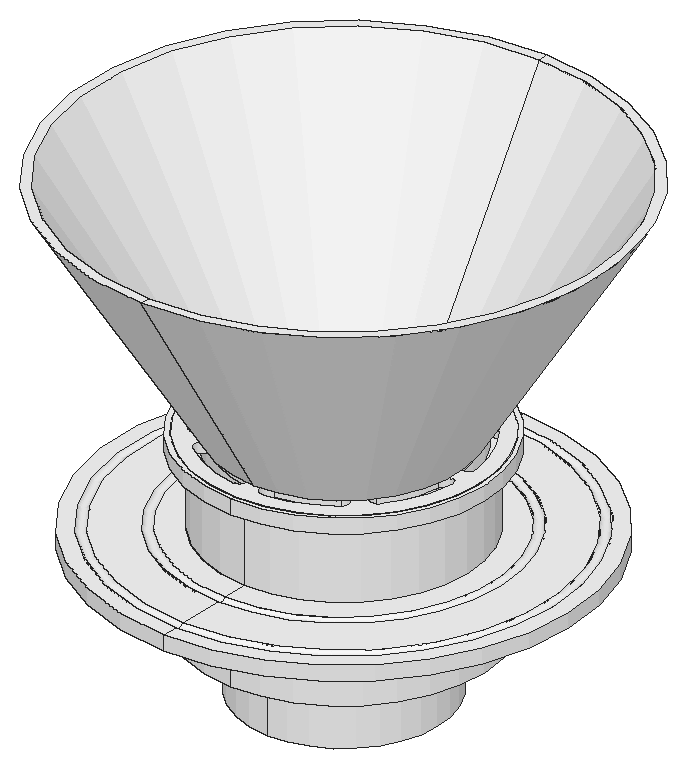
Revit family "F1100-EG", category Plumbing Fixtures, host Face, Revit 2018
Family settings
  Host = Face
  Round Connector Dimension = Use Radius
  Part Type = Normal
  Cut with Voids When Loaded = No
  Shared = No
  Room Calculation Point = No
Parameters (values of type "F1100-EG-Ø3"")
  WFU = 0
  URL = "WWW.MIFAB.COM"
  Pipe Radius = Pipe Diameter / 2  # 0' - 1 1/2"
  Pipe Diameter = 0' - 3"
  Model = "F1100-EG"
  Manufacturer = "MIFAB"
  Floor Drain Material = Paint - Sherwin Williams Paint - #952C2A - Bellwood Red
  Description = "OVAL FUNNEL FLOOR DRAIN FOR NON-MEMBRANE FLOOR AREAS"
  Default Elevation = 0' - 0"
  CWFU = 0
  BODY HEIGHT = 0' - 2 5/8"
  Assembly Code = ""
  ADJUSTMENT = 0' - 1 1/2"
Types (6): name | Pipe Radius | Pipe Diameter | BODY HEIGHT
  (no name) | 0' - 1 1/2" | 0' - 3" | 0' - 2 5/8"
  F1100-EG-Ø2" | 0' - 1" | 0' - 2" | 0' - 2 1/4"
  F1100-EG-Ø3" | 0' - 1 1/2" | 0' - 3" | 0' - 2 5/8"
  F1100-EG-Ø4" | 0' - 2" | 0' - 4" | 0' - 2 5/8"
  F1100-EG-Ø5" | 0' - 2 1/2" | 0' - 5" | 0' - 2 5/8"
  F1100-EG-Ø6" | 0' - 3" | 0' - 6" | 0' - 2 5/8"
Reference planes (in)
  plane 1 "Center (Front/Back)": y = 0
  plane 2: z = 0
  plane 3 "Center (Left/Right)": x = 0
  plane 4: y = -1.5
  plane 5: y = 1.5
  plane 6: y = 2.5
  plane 7: y = -2.5
  plane 8: y = -4
  plane 9: y = 4
  plane 10: z = -1.29633
  plane 11: z = -1.5
  plane 12: z = -1.75
  plane 13: z = -4.125
  plane 14: z = 4
  plane 15: z = -0.25
  plane 16: z = -2.39755
  plane 17: z = -2.31755
  plane 18: y = 4.5
  plane 19: y = -4.5
  plane 20: y = -2.68
  plane 21: y = -2.32
  plane 22: z = -2.9
Forms (in)
  Revolve 1, solid, material "Paint - Sherwin Williams Paint - #952C2A - Bellwood Red" <- "Floor Drain Material"
    sketch origin (0, -109.78025, 0) x (0, 1, 0) y (0, 0, 1)
      loop
        line (107.58025, -2.31755) -> (107.66025, -2.39755) -> (107.73025, -2.39755) -> (107.73025, -0.16) -> (107.36025, -0.16) -> (107.36025, 0) -> (107.28025, 0) -> (107.28025, -0.25) -> (107.58025, -0.25) -> (107.58025, -2.31755)
      axis (109.78025, -2.39755) -> (109.78025, 0)
    angle from 0 to 360
  Extrusion 2, solid, material "Paint - Sherwin Williams Paint - #952C2A - Bellwood Red" <- "Floor Drain Material"
    sketch origin (0, 0, 0) x (-1, 0, 0) y (0, -1, 0)
      loop
        circle (0, 0) r 2.42
      loop
        arc (1.0682, -0.23682) -> (0.97801, -0.06268) -> (0.80387, -0.15286) r 0.13867
        arc (0.80387, -0.15286) -> (0.748, -0.30556) -> (0.67917, -0.45286) r 1.88266
        arc (0.67917, -0.45286) -> (0.73807, -0.63992) -> (0.92513, -0.58101) r 0.13867
        arc (0.92513, -0.58101) -> (1.0041, -0.41201) -> (1.0682, -0.23682) r 2.16
      loop
        arc (1.4928, -1.14715) -> (1.51826, -1.3416) -> (1.71271, -1.31614) r 0.13867
        arc (1.71271, -1.31614) -> (1.99444, -0.82934) -> (2.14094, -0.2863) r 2.16
        arc (2.14094, -0.2863) -> (2.02232, -0.13011) -> (1.86615, -0.24876) r 0.13867
        arc (1.86615, -0.24876) -> (1.73851, -0.72249) -> (1.4928, -1.14715) r 1.88266
      loop
        arc (1.61258, -0.26439) -> (1.50772, -0.09867) -> (1.34199, -0.20353) r 0.13867
        arc (1.34199, -0.20353) -> (1.24373, -0.51289) -> (1.09378, -0.80078) r 1.88266
        arc (1.09378, -0.80078) -> (1.13637, -0.99221) -> (1.3278, -0.94962) r 0.13867
        arc (1.3278, -0.94962) -> (1.49983, -0.61933) -> (1.61258, -0.26439) r 2.16
      loop
        arc (1.0682, 0.23682) -> (1.0041, 0.41201) -> (0.92513, 0.58101) r 2.16
        arc (0.92513, 0.58101) -> (0.73807, 0.63992) -> (0.67917, 0.45286) r 0.13867
        arc (0.67917, 0.45286) -> (0.748, 0.30556) -> (0.80387, 0.15286) r 1.88266
        arc (0.80387, 0.15286) -> (0.97801, 0.06268) -> (1.0682, 0.23682) r 0.13867
      loop
        arc (1.4928, 1.14715) -> (1.73851, 0.72249) -> (1.86615, 0.24876) r 1.88266
        arc (1.86615, 0.24876) -> (2.02232, 0.13011) -> (2.14094, 0.2863) r 0.13867
        arc (2.14094, 0.2863) -> (1.99444, 0.82934) -> (1.71271, 1.31614) r 2.16
        arc (1.71271, 1.31614) -> (1.51826, 1.3416) -> (1.4928, 1.14715) r 0.13867
      loop
        arc (1.61258, 0.26439) -> (1.49983, 0.61933) -> (1.3278, 0.94962) r 2.16
        arc (1.3278, 0.94962) -> (1.13637, 0.99221) -> (1.09378, 0.80078) r 0.13867
        arc (1.09378, 0.80078) -> (1.24373, 0.51289) -> (1.34199, 0.20353) r 1.88266
        arc (1.34199, 0.20353) -> (1.50772, 0.09867) -> (1.61258, 0.26439) r 0.13867
      loop
        arc (0.23682, 1.0682) -> (0.06268, 0.97801) -> (0.15286, 0.80387) r 0.13867
        arc (0.15286, 0.80387) -> (0.30556, 0.748) -> (0.45286, 0.67917) r 1.88266
        arc (0.45286, 0.67917) -> (0.63992, 0.73807) -> (0.58101, 0.92513) r 0.13867
        arc (0.58101, 0.92513) -> (0.41201, 1.0041) -> (0.23682, 1.0682) r 2.16
      loop
        arc (1.14715, 1.4928) -> (1.3416, 1.51826) -> (1.31614, 1.71271) r 0.13867
        arc (1.31614, 1.71271) -> (0.82934, 1.99444) -> (0.2863, 2.14094) r 2.16
        arc (0.2863, 2.14094) -> (0.13011, 2.02232) -> (0.24876, 1.86615) r 0.13867
        arc (0.24876, 1.86615) -> (0.72249, 1.73851) -> (1.14715, 1.4928) r 1.88266
      loop
        arc (0.26439, 1.61258) -> (0.09867, 1.50772) -> (0.20353, 1.34199) r 0.13867
        arc (0.20353, 1.34199) -> (0.51289, 1.24373) -> (0.80078, 1.09378) r 1.88266
        arc (0.80078, 1.09378) -> (0.99221, 1.13637) -> (0.94962, 1.3278) r 0.13867
        arc (0.94962, 1.3278) -> (0.61933, 1.49983) -> (0.26439, 1.61258) r 2.16
      loop
        arc (-0.23682, 1.0682) -> (-0.41201, 1.0041) -> (-0.58101, 0.92513) r 2.16
        arc (-0.58101, 0.92513) -> (-0.63992, 0.73807) -> (-0.45286, 0.67917) r 0.13867
        arc (-0.45286, 0.67917) -> (-0.30556, 0.748) -> (-0.15286, 0.80387) r 1.88266
        arc (-0.15286, 0.80387) -> (-0.06268, 0.97801) -> (-0.23682, 1.0682) r 0.13867
      loop
        arc (-1.14715, 1.4928) -> (-0.72249, 1.73851) -> (-0.24876, 1.86615) r 1.88266
        arc (-0.24876, 1.86615) -> (-0.13011, 2.02232) -> (-0.2863, 2.14094) r 0.13867
        arc (-0.2863, 2.14094) -> (-0.82934, 1.99444) -> (-1.31614, 1.71271) r 2.16
        arc (-1.31614, 1.71271) -> (-1.3416, 1.51826) -> (-1.14715, 1.4928) r 0.13867
      loop
        arc (-0.26439, 1.61258) -> (-0.61933, 1.49983) -> (-0.94962, 1.3278) r 2.16
        arc (-0.94962, 1.3278) -> (-0.99221, 1.13637) -> (-0.80078, 1.09378) r 0.13867
        arc (-0.80078, 1.09378) -> (-0.51289, 1.24373) -> (-0.20353, 1.34199) r 1.88266
        arc (-0.20353, 1.34199) -> (-0.09867, 1.50772) -> (-0.26439, 1.61258) r 0.13867
      loop
        arc (-1.0682, 0.23682) -> (-0.97801, 0.06268) -> (-0.80387, 0.15286) r 0.13867
        arc (-0.80387, 0.15286) -> (-0.748, 0.30556) -> (-0.67917, 0.45286) r 1.88266
        arc (-0.67917, 0.45286) -> (-0.73807, 0.63992) -> (-0.92513, 0.58101) r 0.13867
        arc (-0.92513, 0.58101) -> (-1.0041, 0.41201) -> (-1.0682, 0.23682) r 2.16
      loop
        arc (-1.4928, 1.14715) -> (-1.51826, 1.3416) -> (-1.71271, 1.31614) r 0.13867
        arc (-1.71271, 1.31614) -> (-1.99444, 0.82934) -> (-2.14094, 0.2863) r 2.16
        arc (-2.14094, 0.2863) -> (-2.02232, 0.13011) -> (-1.86615, 0.24876) r 0.13867
        arc (-1.86615, 0.24876) -> (-1.73851, 0.72249) -> (-1.4928, 1.14715) r 1.88266
      loop
        arc (-1.61258, 0.26439) -> (-1.50772, 0.09867) -> (-1.34199, 0.20353) r 0.13867
        arc (-1.34199, 0.20353) -> (-1.24373, 0.51289) -> (-1.09378, 0.80078) r 1.88266
        arc (-1.09378, 0.80078) -> (-1.13637, 0.99221) -> (-1.3278, 0.94962) r 0.13867
        arc (-1.3278, 0.94962) -> (-1.49983, 0.61933) -> (-1.61258, 0.26439) r 2.16
      loop
        arc (-1.0682, -0.23682) -> (-1.0041, -0.41201) -> (-0.92513, -0.58101) r 2.16
        arc (-0.92513, -0.58101) -> (-0.73807, -0.63992) -> (-0.67917, -0.45286) r 0.13867
        arc (-0.67917, -0.45286) -> (-0.748, -0.30556) -> (-0.80387, -0.15286) r 1.88266
        arc (-0.80387, -0.15286) -> (-0.97801, -0.06268) -> (-1.0682, -0.23682) r 0.13867
      loop
        arc (-1.4928, -1.14715) -> (-1.73851, -0.72249) -> (-1.86615, -0.24876) r 1.88266
        arc (-1.86615, -0.24876) -> (-2.02232, -0.13011) -> (-2.14094, -0.2863) r 0.13867
        arc (-2.14094, -0.2863) -> (-1.99444, -0.82934) -> (-1.71271, -1.31614) r 2.16
        arc (-1.71271, -1.31614) -> (-1.51826, -1.3416) -> (-1.4928, -1.14715) r 0.13867
      loop
        arc (-1.61258, -0.26439) -> (-1.49983, -0.61933) -> (-1.3278, -0.94962) r 2.16
        arc (-1.3278, -0.94962) -> (-1.13637, -0.99221) -> (-1.09378, -0.80078) r 0.13867
        arc (-1.09378, -0.80078) -> (-1.24373, -0.51289) -> (-1.34199, -0.20353) r 1.88266
        arc (-1.34199, -0.20353) -> (-1.50772, -0.09867) -> (-1.61258, -0.26439) r 0.13867
      loop
        arc (-0.23682, -1.0682) -> (-0.06268, -0.97801) -> (-0.15286, -0.80387) r 0.13867
        arc (-0.15286, -0.80387) -> (-0.30556, -0.748) -> (-0.45286, -0.67917) r 1.88266
        arc (-0.45286, -0.67917) -> (-0.63992, -0.73807) -> (-0.58101, -0.92513) r 0.13867
        arc (-0.58101, -0.92513) -> (-0.41201, -1.0041) -> (-0.23682, -1.0682) r 2.16
      loop
        arc (-1.14715, -1.4928) -> (-1.3416, -1.51826) -> (-1.31614, -1.71271) r 0.13867
        arc (-1.31614, -1.71271) -> (-0.82934, -1.99444) -> (-0.2863, -2.14094) r 2.16
        arc (-0.2863, -2.14094) -> (-0.13011, -2.02232) -> (-0.24876, -1.86615) r 0.13867
        arc (-0.24876, -1.86615) -> (-0.72249, -1.73851) -> (-1.14715, -1.4928) r 1.88266
      loop
        arc (-0.26439, -1.61258) -> (-0.09867, -1.50772) -> (-0.20353, -1.34199) r 0.13867
        arc (-0.20353, -1.34199) -> (-0.51289, -1.24373) -> (-0.80078, -1.09378) r 1.88266
        arc (-0.80078, -1.09378) -> (-0.99221, -1.13637) -> (-0.94962, -1.3278) r 0.13867
        arc (-0.94962, -1.3278) -> (-0.61933, -1.49983) -> (-0.26439, -1.61258) r 2.16
      loop
        arc (0.23682, -1.0682) -> (0.41201, -1.0041) -> (0.58101, -0.92513) r 2.16
        arc (0.58101, -0.92513) -> (0.63992, -0.73807) -> (0.45286, -0.67917) r 0.13867
        arc (0.45286, -0.67917) -> (0.30556, -0.748) -> (0.15286, -0.80387) r 1.88266
        arc (0.15286, -0.80387) -> (0.06268, -0.97801) -> (0.23682, -1.0682) r 0.13867
      loop
        arc (1.14715, -1.4928) -> (0.72249, -1.73851) -> (0.24876, -1.86615) r 1.88266
        arc (0.24876, -1.86615) -> (0.13011, -2.02232) -> (0.2863, -2.14094) r 0.13867
        arc (0.2863, -2.14094) -> (0.82934, -1.99444) -> (1.31614, -1.71271) r 2.16
        arc (1.31614, -1.71271) -> (1.3416, -1.51826) -> (1.14715, -1.4928) r 0.13867
      loop
        arc (0.26439, -1.61258) -> (0.61933, -1.49983) -> (0.94962, -1.3278) r 2.16
        arc (0.94962, -1.3278) -> (0.99221, -1.13637) -> (0.80078, -1.09378) r 0.13867
        arc (0.80078, -1.09378) -> (0.51289, -1.24373) -> (0.20353, -1.34199) r 1.88266
        arc (0.20353, -1.34199) -> (0.09867, -1.50772) -> (0.26439, -1.61258) r 0.13867
    from 0 to -0.16
  Revolve 3, solid, material "Paint - Sherwin Williams Paint - #952C2A - Bellwood Red" <- "Floor Drain Material"
    sketch origin (0, -136.89074, -0.47623) x (0, 1, 0) y (0, 0, 1)
      loop
        line (134.96736, 0.61448) -> (132.55377, 4.47623) -> (132.39074, 4.47623) -> (134.89074, 0.47623) -> (136.89074, 0.47623) -> (136.89074, 0.61448) -> (134.96736, 0.61448)
      axis (136.89074, 0.47623) -> (136.89074, 4.47623)
    angle from 0 to 360
  Revolve 4, solid
    sketch origin (0, -235.05544, 13.16068) x (0, 1, 0) y (0, 0, 1)
      loop
        line (236.76888, -13.33243) -> (236.76888, -13.02243) -> (236.60388, -13.02243) -> (236.67888, -13.09743) -> (236.67888, -13.33243) -> (236.76888, -13.33243)
      axis (236.76888, -13.33243) -> (236.76888, -13.02243)
    angle from 0 to 360
  Revolve 5, solid
    sketch origin (0, 235.05544, 13.16068) x (0, -1, 0) y (0, 0, 1)
      loop
        line (236.76888, -13.33243) -> (236.76888, -13.02243) -> (236.60388, -13.02243) -> (236.67888, -13.09743) -> (236.67888, -13.33243) -> (236.76888, -13.33243)
      axis (236.76888, -13.33243) -> (236.76888, -13.02243)
    angle from 0 to 360
  Revolve 6, solid, material "Paint - Sherwin Williams Paint - #952C2A - Bellwood Red" <- "Floor Drain Material"
    sketch origin (0, -109.78025, 5.25224) x (0, 1, 0) y (0, 0, 1)
      loop
        line (107.66025, -6.83224) -> (107.58025, -6.75224) -> (107.1433, -6.75224)
        arc (107.1433, -6.75224) -> (107.06061, -6.80191) -> (106.97791, -6.75224) r 0.09366
        line (106.97791, -6.75224) -> (106.21178, -6.75224)
        arc (106.21178, -6.75224) -> (106.12908, -6.80191) -> (106.04639, -6.75224) r 0.09366
        line (106.04639, -6.75224) -> (105.78025, -6.75224) -> (105.78025, -7.00224) -> (107.28025, -7.00224) -> (107.28025, -8.23692) -> (108.10057, -8.64287) -> (108.10057, -9.37724) -> (108.28025, -9.37724) -> (108.28025, -8.57579) -> (107.46025, -8.17) -> (107.46025, -7.00224) -> (107.58025, -7.00224) -> (107.66025, -6.92224) -> (107.66025, -6.83224)
      axis (109.78025, -9.37724) -> (109.78025, -6.75224)
    angle from 0 to 360
  Revolve 7, solid, material "Paint - Sherwin Williams Paint - #952C2A - Bellwood Red" <- "Floor Drain Material"
    sketch origin (0, 0, 0) x (0, 1, 0) y (0, 0, 1)
      loop
        line (3.1, -2.08291) -> (3.1, -2.00575) -> (2.73, -2.00575) -> (2.63, -1.90575) -> (2.73, -1.90575) -> (2.73, -1.75) -> (2.32, -1.75) -> (2.32, -2.08291) -> (3.1, -2.08291)
      axis (2.32, -2.25575) -> (3.1, -2.25575)
    angle from 0 to 360
Dimensions and locks (in)
  equal spacing: plane 5, plane 1 "Center (Front/Back)", plane 4
  "Pipe Diameter": plane 5 to plane 4
  plane 1 "Center (Front/Back)" to plane 4 = 0' - 1 1/2"
  equal spacing: plane 6, plane 1 "Center (Front/Back)", plane 7, locked at 2.5 each
  locked: plane 6 to plane 7 at 5
  equal spacing: plane 9, plane 1 "Center (Front/Back)", plane 8
  locked: plane 9 to plane 8 at 8
  locked: plane 11 to plane 12 at 0.25
  "BODY HEIGHT": plane 11 to plane 13
  "ADJUSTMENT": plane 2 to plane 11
  locked: plane 15 to plane 2 at 0.25
  locked: plane 17 to plane 16 at 0.08
  locked: plane 11 to plane 16 at 0.89755
  plane 14 to level = 0' - 4"
  equal spacing: plane 18, plane 1 "Center (Front/Back)", plane 19
  plane 18 to plane 19 = 0' - 9"
  locked: Revolve 6 sketch curve to Revolve 6 sketch curve at 0.93152
  locked: plane 4 to Revolve 6 sketch curve at 0.17969
  aligned and locked: plane 2 to host face
  aligned and locked: level to host face
  aligned and locked: plane 2 to Revolve 1 sketch curve
  aligned and locked: plane 15 to Revolve 1 sketch curve
  aligned and locked: Revolve 1 sketch curve to plane 16
  aligned and locked: plane 17 to Revolve 1 sketch curve
  aligned and locked: plane 21 to Revolve 6 sketch curve
  aligned and locked: Revolve 6 sketch curve to plane 4
Automatic sketch dimensions
  host sketch curve to host sketch curve = 8' - 0"  (x2)
  Revolve 1 sketch curve to plane 7 = 0' - 0"
  Revolve 1 sketch curve to plane 1 "Center (Front/Back)" = 0' - 0"
  Revolve 1 sketch curve to Revolve 1 sketch curve = 0' - 0.08"  (x2)
  plane 7 to Revolve 1 sketch curve = 0' - 0.3"
  Revolve 1 sketch curve to Revolve 1 sketch curve = 0' - 0.07"
  Revolve 1 sketch curve to plane 15 = 0' - 0.09"
  level to Revolve 1 sketch curve = 0' - 1.15177"
  Revolve 1 sketch curve to Revolve 1 sketch curve = 0' - 0 3/4"
  Extrusion 2 sketch curve to Extrusion 2 sketch curve = 0' - 0"  (x93)
  Revolve 1 to Extrusion 2 sketch curve = 0' - 0.19484"  (x2)
  Revolve 1 to Extrusion 2 sketch curve = 0' - 0.20961"  (x2)
  Revolve 1 to Extrusion 2 sketch curve = 0' - 0.23396"  (x2)
  Revolve 1 to Extrusion 2 sketch curve = 0' - 0.2675"  (x2)
  Extrusion 2 sketch curve to Extrusion 2 sketch curve = 0' - 0.22223"  (x8)
  Extrusion 2 sketch curve to Extrusion 2 sketch curve = 0' - 0 73/256"  (x8)
  Extrusion 2 sketch curve to Extrusion 2 sketch curve = 0' - 0.09987"  (x8)
  Extrusion 2 sketch curve to Extrusion 2 sketch curve = 0' - 0.28521"  (x8)
  Extrusion 2 sketch curve to Extrusion 2 sketch curve = 0' - 0.45813"  (x6)
  Extrusion 2 sketch curve to Extrusion 2 sketch curve = 0' - 0.13389"  (x6)
  Extrusion 2 sketch curve to Extrusion 2 sketch curve = 0' - 0.1883"  (x8)
  Extrusion 2 sketch curve to Extrusion 2 sketch curve = 0' - 0.33559"  (x6)
  Extrusion 2 sketch curve to Extrusion 2 sketch curve = 0' - 0.35645"  (x6)
  Extrusion 2 sketch curve to Extrusion 2 sketch curve = 0' - 0.48684"  (x3)
  Extrusion 2 sketch curve to Extrusion 2 sketch curve = 0' - 0 95/256"  (x8)
  Extrusion 2 sketch curve to Extrusion 2 sketch curve = 0' - 0.52626"  (x5)
  Extrusion 2 sketch curve to Revolve 1 = 0' - 0.19484"  (x2)
  Extrusion 2 sketch curve to Revolve 1 = 0' - 0.20961"  (x2)
  Extrusion 2 sketch curve to Revolve 1 = 0' - 0.23396"  (x2)
  Extrusion 2 sketch curve to Revolve 1 = 0' - 0.2675"  (x2)
  Extrusion 2 sketch curve to Extrusion 2 sketch curve = 0' - 0.41645"  (x4)
  Extrusion 2 sketch curve to Extrusion 2 sketch curve = 0' - 0.4008"  (x2)
  Extrusion 2 sketch curve to Extrusion 2 sketch curve = 0' - 0.28201"  (x2)
  Extrusion 2 sketch curve to Extrusion 2 sketch curve = 0' - 0.22034"  (x2)
  Extrusion 2 sketch curve to Extrusion 2 sketch curve = 0' - 0.05441"  (x2)
  Extrusion 2 sketch curve to Extrusion 2 sketch curve = 0' - 0.27195"  (x2)
  Extrusion 2 sketch curve to Extrusion 2 sketch curve = 0' - 0.30738"
  Extrusion 2 sketch curve to Extrusion 2 sketch curve = 0' - 0.60769"  (x2)
  Extrusion 2 sketch curve to Extrusion 2 sketch curve = 0' - 0.18311"  (x2)
  Extrusion 2 sketch curve to Extrusion 2 sketch curve = 0' - 0.38969"  (x2)
  Extrusion 2 sketch curve to Extrusion 2 sketch curve = 0' - 0.41923"  (x2)
  Extrusion 2 sketch curve to Extrusion 2 sketch curve = 0' - 0.46791"  (x2)
  Extrusion 2 sketch curve to Extrusion 2 sketch curve = 0' - 0.03355"  (x2)
  Extrusion 2 sketch curve to Extrusion 2 sketch curve = 0' - 0.04198"  (x4)
  Extrusion 2 sketch curve to Extrusion 2 sketch curve = 0' - 0.03043"  (x4)
  Extrusion 2 sketch curve to Extrusion 2 sketch curve = 0' - 0.01874"  (x4)
  Extrusion 2 sketch curve to Extrusion 2 sketch curve = 0' - 0.12298"  (x4)
  Extrusion 2 sketch curve to Extrusion 2 sketch curve = 0' - 0.11701"  (x4)
  Extrusion 2 sketch curve to Extrusion 2 sketch curve = 0' - 0.1374"  (x4)
  Revolve 3 sketch curve to plane 14 = 0' - 0"
  Revolve 3 sketch curve to plane 19 = 0' - 0"
  Revolve 3 sketch curve to level = 0' - 0"
  Revolve 3 sketch curve to plane 1 "Center (Front/Back)" = 0' - 0"  (x2)
  plane 19 to Revolve 3 sketch curve = 0' - 0.16303"
  plane 7 to Revolve 3 sketch curve = 0' - 0 1/2"
  Revolve 3 sketch curve to Revolve 3 sketch curve = 0' - 0.07662"
  level to Revolve 3 sketch curve = 0' - 0.13825"
  Revolve 3 sketch curve to plane 14 = 0' - 1.105"
  Revolve 3 sketch curve to plane 14 = 0' - 0.105"
  level to Revolve 4 sketch curve = 0' - 0.13825"
  plane 6 to Revolve 4 sketch curve = 0' - 0.95155"
  level to Revolve 4 sketch curve = 0' - 0.06325"
  Revolve 4 sketch curve to Revolve 4 sketch curve = 0' - 0.075"
  Revolve 4 sketch curve to Revolve 4 sketch curve = 0' - 0.09"
  Revolve 4 sketch curve to plane 15 = 0' - 0.07825"
  Revolve 4 sketch curve to Revolve 4 sketch curve = 0' - 0"  (x2)
  Revolve 4 sketch curve to Revolve 4 sketch curve = 0' - 0.06731"
  Revolve 5 sketch curve to level = 0' - 0.13825"
  Revolve 5 sketch curve to plane 7 = 0' - 0.95155"
  Revolve 5 sketch curve to level = 0' - 0.06325"
  Revolve 5 sketch curve to Revolve 5 sketch curve = 0' - 0.075"
  Revolve 5 sketch curve to Revolve 5 sketch curve = 0' - 0.09"
  plane 15 to Revolve 5 sketch curve = 0' - 0.07825"
  Revolve 5 sketch curve to Revolve 5 sketch curve = 0' - 0"  (x2)
  Revolve 5 sketch curve to Revolve 5 sketch curve = 0' - 0.06731"
  Revolve 7 sketch curve to plane 12 = 0' - 0"
  plane 6 to Revolve 7 sketch curve = 0' - 0.18"
  Revolve 7 sketch curve to plane 6 = 0' - 0.13"
  Revolve 7 sketch curve to Revolve 7 sketch curve = 0' - 0.1"  (x3)
  Revolve 7 sketch curve to Revolve 7 sketch curve = 0' - 0.37"
  Revolve 7 sketch curve to plane 12 = 0' - 0.15575"
  Revolve 7 sketch curve to Revolve 7 sketch curve = 0' - 0.07716"
  plane 17 to Revolve 7 sketch curve = 0' - 0.0618"
  Revolve 7 sketch curve to Revolve 7 sketch curve = 0' - 0"
  Revolve 7 sketch curve to Revolve 7 sketch curve = 0' - 0.14968"
  Revolve 6 sketch curve to plane 8 = 0' - 0"
  Revolve 6 sketch curve to plane 11 = 0' - 0"  (x3)
  Revolve 6 sketch curve to plane 7 = 0' - 0"
  Revolve 6 sketch curve to plane 12 = 0' - 0"  (x2)
  Revolve 6 sketch curve to plane 13 = 0' - 0"
  Revolve 6 sketch curve to plane 1 "Center (Front/Back)" = 0' - 0"
  Revolve 6 sketch curve to Revolve 6 sketch curve = 0' - 0.26614"
  plane 11 to Revolve 6 sketch curve = 0' - 0.04399"  (x2)
  Revolve 6 sketch curve to Revolve 6 sketch curve = 0' - 0.08269"  (x2)
  Revolve 6 sketch curve to plane 21 = 0' - 0.12"  (x2)
  plane 12 to Revolve 6 sketch curve = 0' - 0.08"
  Revolve 6 sketch curve to Revolve 6 sketch curve = 0' - 0.08"
  Revolve 6 sketch curve to plane 22 = 0' - 0.42355"
  Revolve 6 sketch curve to plane 22 = 0' - 0.01776"
  Revolve 6 sketch curve to plane 11 = 0' - 0.08"
  Revolve 6 sketch curve to plane 13 = 0' - 3.43864"
  Revolve 6 sketch curve to Revolve 6 sketch curve = 0' - 1.64678"
  Revolve 6 sketch curve to Revolve 6 sketch curve = 0' - 0.06708"
  Revolve 6 sketch curve to plane 22 = 0' - 0.08468"
  radius of Extrusion 2 sketch curve to Revolve 1 = 0' - 0"
  radius of Extrusion 2 sketch curve to Revolve 1 = 0' - 0.53734"  (x8)
  radius of Extrusion 2 sketch curve to Revolve 1 = 0' - 0.26"  (x8)
Connectors (in)
  piping at (0, 0, -4.125), diameter 3, driven by "Pipe Radius"
    settings: on Revolve 6, index 1, connector inside diameter 24", connector length 0' - 0", flow factor 0, pipe flow 0 GPM, pressure drop 0.00 psi, fitting loss kfactor 0, connector angle 0.00°, fixture units 0, engagement length 0' - 0", angle of deflection 0.00°, flow configuration 0, flow direction 0, fitting loss method 0, system type 7, joint type 0, gender type 0, connector reference index -1, connector utility 0, adjustable connector no, is connector primary yes, connector description ""
